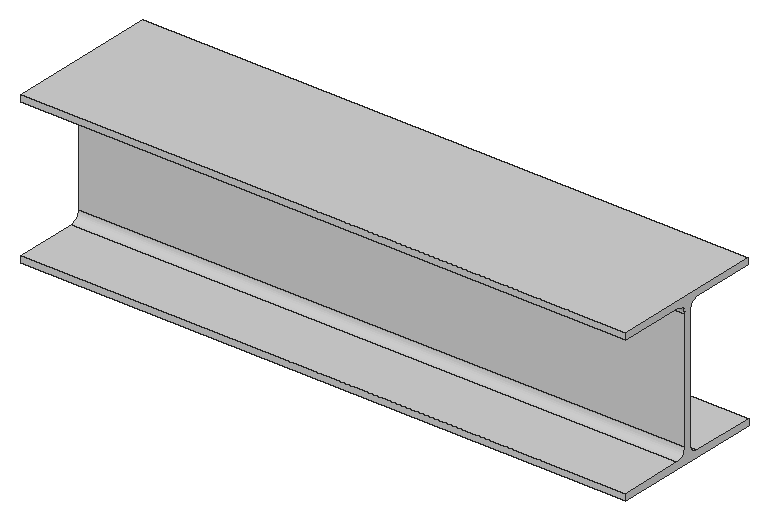
Revit family "510a3453cb1f458c8873a68b10952a86", category Structural Framing, Revit 2021
Family settings
  Structural Framing Length Roundoff = 0' - 0"
  Section Shape = Not Defined
  Material for Model Behavior = Steel
  Always export as geometry = No
  OmniClass Number = 23.25.30.11.14.14
  OmniClass Title = Beams
  Seek Item ID = HP-Bearing Pile-0000-USA-ENU
  Always vertical = Yes
  Cut with Voids When Loaded = No
  Symbolic Representation = From Project Settings
  Shared = No
  Show family pre-cut in plan views = Yes
Parameters (values of type "HP12X63")
  W = 63
  Structural Material [instance] = Steel ASTM A572
  Assembly Code = "B10"
  Length [instance] = 5' - 0"
  bf = 1' - 0 13/128"
  d = 0' - 11 241/256"
  k = 0' - 1 1/4"
  k2 = k - tf  # 0' - 0 47/64"
  tf = 0' - 0 33/64"
  tw = 0' - 0 33/64"
  A = 18.40 in²
Reference planes (in)
  plane 1 "Center (Front/Back)": y = 0
  plane 2: z = 0
  plane 3 "Center (Left/Right)": x = 0.1815
  plane 4 "Member Left": x = -23.8185
  plane 5 "Member Right": x = 24.1815
  plane 6: y = 6.05078
  plane 7: y = -6.05078
  plane 8 "Top": z = 5.9707
  plane 9: z = -5.9707
  plane 10 "Right": x = 30.1815
  plane 11 "Left": x = -29.8185
Forms (in)
  Sweep 1, solid, material "Steel ASTM A572" <- "Structural Material", detail levels fine
    path origin (0, 0, 0) x (1, 0, 0) y (0, 1, 0)
      loop
        line (24.1815, 0) -> (-23.8185, 0)
    profile "HP-Bearing Pile-Profile-Fine : HP-Bearing Pile-Profile-Fine" origin (0.1815, 0, 0) x (0, -1, 0) y (0, 0, 1)
      loop
        line (-6.05078, -5.9707) -> (6.05078, -5.9707) -> (6.05078, -5.45508) -> (0.99219, -5.45508)
        arc (0.99219, -5.45508) -> (0.47291, -5.23998) -> (0.25781, -4.7207) r 0.73438
        line (0.25781, -4.7207) -> (0.25781, 4.7207)
        arc (0.25781, 4.7207) -> (0.47291, 5.23998) -> (0.99219, 5.45508) r 0.73438
        line (0.99219, 5.45508) -> (6.05078, 5.45508) -> (6.05078, 5.9707) -> (-6.05078, 5.9707) -> (-6.05078, 5.45508) -> (-0.99219, 5.45508)
        arc (-0.99219, 5.45508) -> (-0.47291, 5.23998) -> (-0.25781, 4.7207) r 0.73438
        line (-0.25781, 4.7207) -> (-0.25781, -4.7207)
        arc (-0.25781, -4.7207) -> (-0.47291, -5.23998) -> (-0.99219, -5.45508) r 0.73438
        line (-0.99219, -5.45508) -> (-6.05078, -5.45508) -> (-6.05078, -5.9707)
  Sweep 2, solid, material "Steel ASTM A572" <- "Structural Material", detail levels medium
    path origin (0, 0, 0) x (1, 0, 0) y (0, 1, 0)
      loop
        line (24.1815, 0) -> (-23.8185, 0)
    profile "HP-Bearing Pile-Profile-Medium : HP-Bearing Pile-Profile-Medium" origin (0.1815, 0, 0) x (0, -1, 0) y (0, 0, 1)
      loop
        line (-6.05078, -5.9707) -> (6.05078, -5.9707) -> (6.05078, -5.45508) -> (0.25781, -5.45508) -> (0.25781, 5.45508) -> (6.05078, 5.45508) -> (6.05078, 5.9707) -> (-6.05078, 5.9707) -> (-6.05078, 5.45508) -> (-0.25781, 5.45508) -> (-0.25781, -5.45508) -> (-6.05078, -5.45508) -> (-6.05078, -5.9707)
Lines and regions (in)
  symbolic lines, style "Stick Symbols", detail levels coarse
    curve 1: line (0.1815, 6.05078, 5.9707) -> (0.1815, -6.05078, 5.9707)
    curve 2: line (0.1815, -6.05078, -5.9707) -> (0.1815, 6.05078, -5.9707)
    curve 3: line (0.1815, 0, -5.9707) -> (0.1815, 0, 5.9707)
  symbolic lines, style "Hidden Faces", detail levels medium+fine
    curve 4: line (24.1815, -0.25781, 0) -> (-23.8185, -0.25781, 0)
    curve 5: line (-23.8185, 0.25781, 0) -> (24.1815, 0.25781, 0)
Dimensions and locks (in)
  "bf": plane 6 to plane 7
  "d": plane 9 to plane 8 "Top"
  equal spacing: plane 9, plane 2, plane 8 "Top"
  equal spacing: plane 6, plane 1 "Center (Front/Back)", plane 7
  "Length": plane 11 "Left" to plane 10 "Right"
  "tw": curve 4 to curve 5
  equal spacing: curve 4, plane 1 "Center (Front/Back)", curve 5
  aligned and locked: Sweep 1 sketch curve to plane 1 "Center (Front/Back)"
  aligned and locked: Sweep 2 sketch curve to plane 1 "Center (Front/Back)"
  aligned and locked: Sweep 2 to curve 1
  aligned and locked: Sweep 2 to curve 2
  aligned and locked: curve 1 to Sweep 2  (x2)
  aligned and locked: curve 2 to Sweep 2  (x2)
  aligned and locked: plane 4 "Member Left" to Sweep 2 sketch curve
  aligned and locked: plane 5 "Member Right" to Sweep 2 sketch curve
  aligned and locked: plane 4 "Member Left" to Sweep 1 sketch curve
  aligned and locked: plane 5 "Member Right" to Sweep 1 sketch curve
  aligned and locked: plane 4 "Member Left" to curve 5
  aligned and locked: plane 4 "Member Left" to curve 4
  aligned and locked: plane 5 "Member Right" to curve 5
  aligned and locked: plane 5 "Member Right" to curve 4
Automatic sketch dimensions
  curve 3 to plane 1 "Center (Front/Back)" = 0' - 0"
